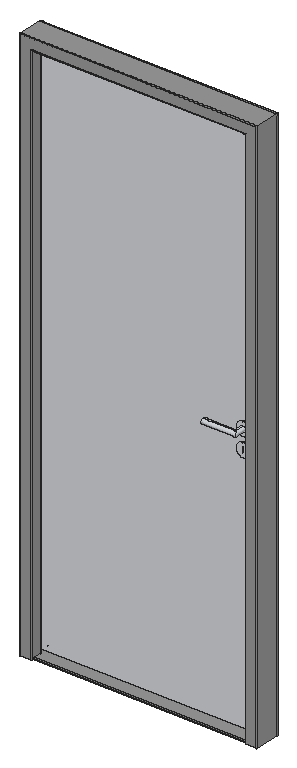
Revit family "Daloc T21 snabbsortiment", category Doors, host Wall, Revit 2017
Family settings
  Host = Wall
  OmniClass Number = 23.30.10.00
  OmniClass Title = Doors
  Always vertical = Yes
  Cut with Voids When Loaded = No
  Shared = No
  Room Calculation Point = No
Parameters (values of type "9x21")
  Vänsterhängd [instance] = no
  Visa kollisionskontroll [instance] = no
  Tröskeltyp V [instance] = no
  Tröskeltyp H [instance] = no
  Tröskeltyp G [instance] = no
  Tröskeltyp CH [instance] = no
  Tröskeltyp CG [instance] = no
  Tröskeltyp B [instance] = yes
  Släplist extrusion end [instance] = Dörrblad bredd + 33 mm  # 857 mm
  Släplist [instance] = or(Tröskeltyp CH, Tröskeltyp CG, Tröskeltyp B)  # yes
  Rough Width = Modulbredd * 100 mm  # 900 mm
  Monteringshål 99 till 130 [instance] = or(Dörrkarm 45x118, Dörrkarm 45x122, Dörrkarm 45x145)  # no
  Monteringshål 68 till 98 [instance] = or(Dörrkarm 45x68, Dörrkarm 45x92, Dörrkarm 45x98)  # yes
  Modulhöjd [instance] = 21  # constant formula
  Kulör dörrblad [instance] = none
  Kollisionskontroll vänster [instance] = and(Vänsterhängd, Visa kollisionskontroll)  # no
  Kollisionskontroll höger [instance] = and(Högerhängd, Visa kollisionskontroll)  # no
  Högerhängd [instance] = yes
  Function = Interior
  Frigång [instance] = Daloc kollisionskontroll
  Frame Projection Ext. = 25 mm
  Frame Projection Int. = 25 mm
  Frame Width = 75 mm
  Height = 2100 mm
  Wall Closure = By host
  Width = Modulbredd * 100 mm  # 900 mm
  Modulbredd = 9
  Extra monteringshål 92 till 98 [instance] = and(Extra monteringshål, or(Dörrkarm 45x92, Dörrkarm 45x98))  # no
  Extra monteringshål [instance] = no
  End extrusion kollisionsvolymer [instance] = Dörrblad ÖK + 15 mm  # 2060 mm
  Dörrstängare Vänster G [instance] = and(Vänsterhängd, Dörrstängare G sida)  # no
  Dörrstängare Vänster A [instance] = and(Vänsterhängd, Dörrstängare A sida)  # no
  Dörrstängare Höger G [instance] = and(Högerhängd, Dörrstängare G sida)  # no
  Dörrstängare Höger A [instance] = and(Högerhängd, Dörrstängare A sida)  # no
  Dörrstängare G sida [instance] = no
  Dörrstängare A sida [instance] = no
  Dörrkarm 45x98 [instance] = yes
  Dörrkarm 45x92 [instance] = no
  Dörrkarm 45x68 [instance] = no
  Dörrkarm 45x145 [instance] = no
  Dörrkarm 45x122 [instance] = no
  Dörrkarm 45x118 [instance] = no
  Dörrblad ÖK [instance] = Height - 55 mm  # 2045 mm
  Dörrblad tjocklek [instance] = 48 mm  # constant formula
  Dörrblad bredd [instance] = Width - 76 mm  # 824 mm
  Dörrblad UK [instance] = 15 mm
  Datablad [instance] = "http://www.dorrkatalogen.daloc.se/tradorrar/T21/"
Types (4, lengths in mm): name | Släplist extrusion end | Rough Width | Width | Modulbredd | Dörrblad bredd
  (no name) | 857 | 900 | 900 | 9 | 824
  8x21 | 757 | 800 | 800 | 8 | 724
  9x21 | 857 | 900 | 900 | 9 | 824
  10x21 | 957 | 1000 | 1000 | 10 | 924
Reference planes
  plane 1: y = 0
  plane 2 "Center (Left/Right)": x = 0
  plane 3 "Left": x = -450
  plane 4 "Right": x = 450
  plane 5: z = 2100
  plane 6 "Exterior": y = 75
  plane 7 "Interior": y = -75
  plane 8: x = 445
  plane 9: x = -445
  plane 10: z = 2093
  plane 11 "tröskel h": x = -430
  plane 12 "tröskel v": x = 430
Forms (mm)
  Sweep 1, solid, material "Daloc dörrkarm VIT S 0500-N", visible <- "Dörrkarm 45x145"
    path origin (0, 75, 0) x (1, 0, 0) y (0, 0, 1)
      loop
        line (445, 0) -> (445, 2093) -> (-445, 2093) -> (-445, 0)
    profile "Träkarm_Profil_45 : 45x145" origin (445, 75, 1046.5) x (-1, 0, 0) y (0, -1, 0)
      loop
        arc (27, 0) -> (29.121, 0.879) -> (30, 3) r 3
        line (30, 3) -> (30, 51)
        arc (30, 51) -> (30.293, 51.707) -> (31, 52) r 1
        line (31, 52) -> (42, 52)
        arc (42, 52) -> (44.121, 52.879) -> (45, 55) r 3
        line (45, 55) -> (45, 142)
        arc (45, 142) -> (44.121, 144.121) -> (42, 145) r 3
        line (42, 145) -> (3, 145)
        arc (3, 145) -> (0.879, 144.121) -> (0, 142) r 3
        line (0, 142) -> (0, 3)
        arc (0, 3) -> (0.879, 0.879) -> (3, 0) r 3
        line (3, 0) -> (27, 0)
  Sweep 2, solid, material "Daloc dörrkarm VIT S 0500-N", visible <- "Dörrkarm 45x122"
    path origin (0, 75, 0) x (1, 0, 0) y (0, 0, 1)
      loop
        line (445, 0) -> (445, 2093) -> (-445, 2093) -> (-445, 0)
    profile "Träkarm_Profil_45 : 45x122" origin (445, 75, 1046.5) x (-1, 0, 0) y (0, -1, 0)
      loop
        arc (27, 0) -> (29.121, 0.879) -> (30, 3) r 3
        line (30, 3) -> (30, 51)
        arc (30, 51) -> (30.293, 51.707) -> (31, 52) r 1
        line (31, 52) -> (42, 52)
        arc (42, 52) -> (44.121, 52.879) -> (45, 55) r 3
        line (45, 55) -> (45, 119)
        arc (45, 119) -> (44.121, 121.121) -> (42, 122) r 3
        line (42, 122) -> (3, 122)
        arc (3, 122) -> (0.879, 121.121) -> (0, 119) r 3
        line (0, 119) -> (0, 3)
        arc (0, 3) -> (0.879, 0.879) -> (3, 0) r 3
        line (3, 0) -> (27, 0)
  Sweep 3, solid, material "Daloc dörrkarm VIT S 0500-N", visible <- "Dörrkarm 45x118"
    path origin (0, 75, 0) x (1, 0, 0) y (0, 0, 1)
      loop
        line (445, 0) -> (445, 2093) -> (-445, 2093) -> (-445, 0)
    profile "Träkarm_Profil_45 : 45x118" origin (445, 75, 1046.5) x (-1, 0, 0) y (0, -1, 0)
      loop
        arc (27, 0) -> (29.121, 0.879) -> (30, 3) r 3
        line (30, 3) -> (30, 51)
        arc (30, 51) -> (30.293, 51.707) -> (31, 52) r 1
        line (31, 52) -> (42, 52)
        arc (42, 52) -> (44.121, 52.879) -> (45, 55) r 3
        line (45, 55) -> (45, 115)
        arc (45, 115) -> (44.121, 117.121) -> (42, 118) r 3
        line (42, 118) -> (3, 118)
        arc (3, 118) -> (0.879, 117.121) -> (0, 115) r 3
        line (0, 115) -> (0, 3)
        arc (0, 3) -> (0.879, 0.879) -> (3, 0) r 3
        line (3, 0) -> (27, 0)
  Sweep 4, solid, material "Daloc dörrkarm VIT S 0500-N", visible <- "Dörrkarm 45x98"
    path origin (0, 75, 0) x (1, 0, 0) y (0, 0, 1)
      loop
        line (445, 0) -> (445, 2093) -> (-445, 2093) -> (-445, 0)
    profile "Träkarm_Profil_45 : 45x98" origin (445, 75, 1046.5) x (-1, 0, 0) y (0, -1, 0)
      loop
        arc (27, 0) -> (29.121, 0.879) -> (30, 3) r 3
        line (30, 3) -> (30, 51)
        arc (30, 51) -> (30.293, 51.707) -> (31, 52) r 1
        line (31, 52) -> (42, 52)
        arc (42, 52) -> (44.121, 52.879) -> (45, 55) r 3
        line (45, 55) -> (45, 95)
        arc (45, 95) -> (44.121, 97.121) -> (42, 98) r 3
        line (42, 98) -> (3, 98)
        arc (3, 98) -> (0.879, 97.121) -> (0, 95) r 3
        line (0, 95) -> (0, 3)
        arc (0, 3) -> (0.879, 0.879) -> (3, 0) r 3
        line (3, 0) -> (27, 0)
  Sweep 5, solid, material "Daloc dörrkarm VIT S 0500-N", visible <- "Dörrkarm 45x92"
    path origin (0, 75, 0) x (1, 0, 0) y (0, 0, 1)
      loop
        line (445, 0) -> (445, 2093) -> (-445, 2093) -> (-445, 0)
    profile "Träkarm_Profil_45 : 45x92" origin (445, 75, 1046.5) x (-1, 0, 0) y (0, -1, 0)
      loop
        arc (27, 0) -> (29.121, 0.879) -> (30, 3) r 3
        line (30, 3) -> (30, 51)
        arc (30, 51) -> (30.293, 51.707) -> (31, 52) r 1
        line (31, 52) -> (42, 52)
        arc (42, 52) -> (44.121, 52.879) -> (45, 55) r 3
        line (45, 55) -> (45, 89)
        arc (45, 89) -> (44.121, 91.121) -> (42, 92) r 3
        line (42, 92) -> (3, 92)
        arc (3, 92) -> (0.879, 91.121) -> (0, 89) r 3
        line (0, 89) -> (0, 3)
        arc (0, 3) -> (0.879, 0.879) -> (3, 0) r 3
        line (3, 0) -> (27, 0)
  Sweep 6, solid, material "Daloc dörrkarm VIT S 0500-N", visible <- "Dörrkarm 45x68"
    path origin (0, 75, 0) x (1, 0, 0) y (0, 0, 1)
      loop
        line (445, 0) -> (445, 2093) -> (-445, 2093) -> (-445, 0)
    profile "Träkarm_Profil_45 : 45x68" origin (445, 75, 1046.5) x (-1, 0, 0) y (0, -1, 0)
      loop
        arc (27, 0) -> (29.121, 0.879) -> (30, 3) r 3
        line (30, 3) -> (30, 51)
        arc (30, 51) -> (30.293, 51.707) -> (31, 52) r 1
        line (31, 52) -> (42, 52)
        arc (42, 52) -> (44.121, 52.879) -> (45, 55) r 3
        line (45, 55) -> (45, 65)
        arc (45, 65) -> (44.121, 67.121) -> (42, 68) r 3
        line (42, 68) -> (3, 68)
        arc (3, 68) -> (0.879, 67.121) -> (0, 65) r 3
        line (0, 65) -> (0, 3)
        arc (0, 3) -> (0.879, 0.879) -> (3, 0) r 3
        line (3, 0) -> (27, 0)
  Extrusion 7, solid, material "Daloc tröskel EK", visible <- "Tröskeltyp H"
    sketch origin (0, 1371.396, -1281.888) x (0, 1, 0) y (0, 0, 1)
      loop
        arc (-1387.333, 1301.886) -> (-1386.455, 1304.007) -> (-1384.333, 1304.886) r 3.001
        line (-1384.333, 1304.886) -> (-1348.885, 1304.886)
        arc (-1348.885, 1304.886) -> (-1347.827, 1304.448) -> (-1347.388, 1303.39) r 1.496
        line (-1347.388, 1303.39) -> (-1347.388, 1291.888) -> (-1299.396, 1291.888)
        arc (-1299.396, 1291.888) -> (-1297.275, 1291.009) -> (-1296.396, 1288.888) r 3
        line (-1296.396, 1288.888) -> (-1296.396, 1281.888) -> (-1387.396, 1281.888) -> (-1387.396, 1301.888)
    from -430 to 430
  Extrusion 8, solid, material "Daloc tröskel EK", visible <- "Tröskeltyp B"
    sketch origin (0, 1891.855, -1544.4) x (0, 1, 0) y (0, 0, 1)
      loop
        arc (-1816.855, 1550.4) -> (-1817.441, 1551.814) -> (-1818.855, 1552.4) r 2
        line (-1818.855, 1552.4) -> (-1906.855, 1552.4)
        arc (-1906.855, 1552.4) -> (-1908.269, 1551.814) -> (-1908.855, 1550.4) r 2
        line (-1908.855, 1550.4) -> (-1908.855, 1544.4) -> (-1816.855, 1544.4) -> (-1816.855, 1550.4)
    from -430 to 430
  Extrusion 9, solid, material "ABS Plastic", visible <- "Tröskeltyp CH"
    sketch origin (0, 1957.784, -1780.388) x (0, 1, 0) y (0, 0, 1)
      loop
        arc (-1882.784, 1783.388) -> (-1917.784, 1790.388) -> (-1952.784, 1783.388) r 91
        line (-1952.784, 1783.388) -> (-1952.784, 1780.388) -> (-1882.784, 1780.388) -> (-1882.784, 1783.388)
    from -430 to 430
  Extrusion 10, solid, material "Daloc tröskel EK", visible <- "Tröskeltyp G"
    sketch origin (0, 1271.835, -1459.847) x (0, 1, 0) y (0, 0, 1)
      loop
        line (-1196.835, 1459.847) -> (-1196.835, 1466.847)
        arc (-1196.835, 1466.847) -> (-1197.713, 1468.968) -> (-1199.835, 1469.847) r 3
        line (-1199.835, 1469.847) -> (-1247.835, 1469.847) -> (-1247.835, 1481.347)
        arc (-1247.835, 1481.347) -> (-1248.274, 1482.408) -> (-1249.335, 1482.847) r 1.5
        line (-1249.335, 1482.847) -> (-1267.835, 1482.847)
        arc (-1267.835, 1482.847) -> (-1268.402, 1482.793) -> (-1268.949, 1482.632) r 3
        line (-1268.949, 1482.632) -> (-1285.949, 1477.632)
        arc (-1285.949, 1477.632) -> (-1287.319, 1476.529) -> (-1287.835, 1474.847) r 3
        line (-1287.835, 1474.847) -> (-1287.835, 1459.847) -> (-1196.835, 1459.847)
    from -430 to 430
  Extrusion 11, solid, material "Daloc tröskel EK", visible <- "Tröskeltyp V"
    sketch origin (0, 1480.056, -1792.621) x (0, 1, 0) y (0, 0, 1)
      loop
        arc (-1405.056, 1799.621) -> (-1405.934, 1801.742) -> (-1408.056, 1802.621) r 3
        line (-1408.056, 1802.621) -> (-1460.056, 1802.621)
        arc (-1460.056, 1802.621) -> (-1460.763, 1802.914) -> (-1461.056, 1803.621) r 1
        line (-1461.056, 1803.621) -> (-1461.056, 1812.621)
        arc (-1461.056, 1812.621) -> (-1461.934, 1814.742) -> (-1464.056, 1815.621) r 3
        line (-1464.056, 1815.621) -> (-1494.056, 1815.621)
        arc (-1494.056, 1815.621) -> (-1496.177, 1814.742) -> (-1497.056, 1812.621) r 3
        line (-1497.056, 1812.621) -> (-1497.056, 1807.621) -> (-1494.056, 1807.621) -> (-1494.056, 1792.621) -> (-1405.056, 1792.621) -> (-1405.056, 1799.621)
    from -430 to 430
  Extrusion 12, solid, material "ABS Plastic", visible <- "Tröskeltyp CG"
    sketch origin (0, 751.018, -810.252) x (0, 1, 0) y (0, 0, 1)
      loop
        line (-667.018, 811.099) -> (-677.327, 811.584) -> (-676.018, 815.599) -> (-685.018, 815.599)
        arc (-685.018, 815.599) -> (-715.018, 820.599) -> (-745.018, 815.599) r 92.5
        line (-745.018, 815.599) -> (-754.018, 815.599) -> (-752.708, 811.584) -> (-763.018, 811.099) -> (-763.018, 810.252) -> (-667.018, 810.252) -> (-667.018, 811.099)
    from -430 to 430
  Extrusion 13, solid, material "Stainless Steel", visible <- "Högerhängd"
    sketch origin (0, 0, 0) x (1, 0, 0) y (0, 1, 0)
      loop
        circle (-412, 83.5) r 8.5
    from 190 to 310
  Extrusion 14, solid, material "Stainless Steel", visible <- "Högerhängd"
    sketch origin (0, 0, 0) x (1, 0, 0) y (0, 1, 0)
      loop
        circle (-412, 83.5) r 8.5
    from 1730 to 1858
  Extrusion 15, solid, material "Stainless Steel", visible <- "Vänsterhängd"
    sketch origin (0, 0, 0) x (1, 0, 0) y (0, 1, 0)
      loop
        circle (412, 83.5) r 8.5
    from 190 to 310
  Extrusion 16, solid, material "Stainless Steel", visible <- "Vänsterhängd"
    sketch origin (0, 0, 0) x (1, 0, 0) y (0, 1, 0)
      loop
        circle (412, 83.5) r 8.5
    from 1730 to 1858
  Extrusion 17, solid, material "Daloc kollisionskontroll" <- "Frigång", visible <- "Kollisionskontroll höger"
    sketch origin (0, 0, 0) x (1, 0, 0) y (0, 1, 0)
      loop
        line (-412, 75) -> (412, 75)
        arc (412, 75) -> (-340.184, 895.864) -> (-1223.482, 218.086) r 824
        line (-1223.482, 218.086) -> (-412, 75)
    from 15 <- "Dörrblad UK" to 2060 <- "End extrusion kollisionsvolymer"
  Extrusion 18, solid, material "Daloc kollisionskontroll" <- "Frigång", visible <- "Kollisionskontroll vänster"
    sketch origin (0, 0, 0) x (1, 0, 0) y (0, 1, 0)
      loop
        line (412, 75) -> (1223.482, 218.086)
        arc (1223.482, 218.086) -> (340.184, 895.864) -> (-412, 75) r 824
        line (-412, 75) -> (412, 75)
    from 15 <- "Dörrblad UK" to 2060 <- "End extrusion kollisionsvolymer"
  Extrusion 19, solid, material "Hål", visible <- "Monteringshål 68 till 98"
    sketch origin (-445, 300, -532.866) x (0, 0, -1) y (0, 1, 0)
      loop
        circle (-729.866, -258) r 7
      loop
        circle (-1319.866, -258) r 7
      loop
        circle (-2006.866, -258) r 7
      loop
        circle (-2428.866, -258) r 7
    from 0 to 30.1
  Extrusion 20, solid, material "Hål", visible <- "Monteringshål 68 till 98"
    sketch origin (445, 300, 2968.966) x (0, 0, 1) y (0, 1, 0)
      loop
        circle (-2771.966, -258) r 7
      loop
        circle (-2181.966, -258) r 7
      loop
        circle (-1494.966, -258) r 7
      loop
        circle (-1072.966, -258) r 7
    from 0 to 30.1
  Extrusion 21, solid, material "Hål", visible <- "Extra monteringshål 92 till 98"
    sketch origin (445, 300, 2968.966) x (0, 0, 1) y (0, 1, 0)
      loop
        circle (-2771.966, -291) r 7
      loop
        circle (-2181.966, -291) r 7
      loop
        circle (-1494.966, -291) r 7
      loop
        circle (-1072.966, -291) r 7
    from 0 to 45.1
  Extrusion 22, solid, material "Hål", visible <- "Extra monteringshål 92 till 98"
    sketch origin (-445, 300, -532.866) x (0, 0, -1) y (0, 1, 0)
      loop
        circle (-729.866, -291) r 7
      loop
        circle (-1319.866, -291) r 7
      loop
        circle (-2006.866, -291) r 7
      loop
        circle (-2428.866, -291) r 7
    from 0 to 45.1
  Extrusion 23, solid, material "Hål", visible <- "Monteringshål 99 till 130"
    sketch origin (-445, 300, -532.866) x (0, 0, -1) y (0, 1, 0)
      loop
        circle (-2428.866, -291) r 7
      loop
        circle (-2006.866, -291) r 7
      loop
        circle (-1319.866, -291) r 7
      loop
        circle (-729.866, -291) r 7
    from 0 to 45.1
  Extrusion 24, solid, material "Hål", visible <- "Monteringshål 99 till 130"
    sketch origin (445, 300, 2968.966) x (0, 0, 1) y (0, 1, 0)
      loop
        circle (-1072.966, -291) r 7
      loop
        circle (-1494.966, -291) r 7
      loop
        circle (-2181.966, -291) r 7
      loop
        circle (-2771.966, -291) r 7
    from 0 to 45.1
  Extrusion 25, solid, material "Hål", visible <- "Dörrkarm 45x145"
    sketch origin (-445, 300, -532.866) x (0, 0, -1) y (0, 1, 0)
      loop
        circle (-729.866, -330) r 7
      loop
        circle (-1319.866, -330) r 7
      loop
        circle (-2006.866, -330) r 7
      loop
        circle (-2428.866, -330) r 7
    from 0 to 45.1
  Extrusion 26, solid, material "Hål", visible <- "Dörrkarm 45x145"
    sketch origin (445, 300, 2968.966) x (0, 0, 1) y (0, 1, 0)
      loop
        circle (-2771.966, -330) r 7
      loop
        circle (-2181.966, -330) r 7
      loop
        circle (-1494.966, -330) r 7
      loop
        circle (-1072.966, -330) r 7
    from 0 to 45.1
  Extrusion 27, solid, material "Rubber, Natural", visible <- "Släplist"
    sketch origin (-445, -1181.712, -1921.557) x (0, 0, -1) y (0, 1, 0)
      loop
        line (-1936.557, 1226.964) -> (-1933.555, 1226.964)
        arc (-1933.555, 1226.964) -> (-1931.269, 1231.819) -> (-1930.45, 1237.122) r 18.772
        arc (-1930.45, 1237.122) -> (-1931.543, 1232.868) -> (-1933.555, 1228.964) r 19.616
        line (-1933.555, 1228.964) -> (-1933.555, 1236.964)
        arc (-1933.555, 1236.964) -> (-1929.854, 1241.135) -> (-1928.451, 1246.531) r 11.932
        arc (-1928.451, 1246.531) -> (-1930.372, 1242.322) -> (-1933.555, 1238.964) r 14.051
        line (-1933.555, 1238.964) -> (-1936.557, 1238.964) -> (-1936.557, 1226.964)
    from 33 to 857 <- "Släplist extrusion end"
Lines and regions (mm)
  Opening 1
    outline origin (-3050, -75, 0) x (1, 0, 0) y (0, 0, 1)
      loop
        line (2600, 0) -> (3500, 0) -> (3500, 2100) -> (2600, 2100) -> (2600, 0)
  symbolic lines, style "Elevation Swing"
    curve 1: line (450, -75, 1050) -> (-450, -75, 2100)
    curve 2: line (450, -75, 1050) -> (-450, -75, 0)
  symbolic lines, visible <- "Högerhängd"
    curve 3: line (-412, 75, 0) -> (-1223.482, 218.086, 0)
    curve 4: arc (-1223.482, 218.086, 0) -> (-340.184, 895.864, 0) -> (412, 75, 0) r 824
  symbolic lines, visible <- "Vänsterhängd"
    curve 5: line (412, 75, 0) -> (1223.482, 218.086, 0)
    curve 6: arc (1223.482, 218.086, 0) -> (340.184, 895.864, 0) -> (-412, 75, 0) r 824
Text (mm)
  text "Exterior" at (-2295.016, 1099.543, 0), in view "Ref. Level"
  text "Exterior" at (0, 1615.38, 3698.081), in view "Left"
  text "Exterior" at (0, 1036.032, 3874.932), in view "Right"
Dimensions and locks
  equal spacing: plane 3 "Left", plane 2 "Center (Left/Right)", plane 4 "Right"
  "Width": plane 3 "Left" to plane 4 "Right"
  "Height": plane 5 to host wall
  equal spacing: host wall, curve 2, plane 5
  host wall to plane 5 = 2100 mm
  locked: plane 6 "Exterior" to host wall at 0
  locked: plane 7 "Interior" to host wall
  locked: plane 8 to plane 4 "Right" at 5
  locked: plane 3 "Left" to plane 9 at 5
  locked: plane 10 to plane 5 at 7
  locked: nested 3 to nested 1 at 55
  locked: nested 1 to nested 2 at 55
  locked: nested 4 to nested 1 at 55
  locked: nested 1 to nested 5 at 55
  locked: plane 6 "Exterior" to Extrusion 8 at 0
  locked: Extrusion 8 to level
  locked: Extrusion 9 to level
  locked: plane 6 "Exterior" to Extrusion 9 at 0
  locked: plane 6 "Exterior" to Extrusion 10 at 0
  locked: Extrusion 10 to level
  locked: plane 6 "Exterior" to Extrusion 11 at 0
  locked: Extrusion 11 to level
  locked: plane 6 "Exterior" to nested 6 at 0
  locked: plane 6 "Exterior" to nested 7 at 0
  locked: nested 1 to Extrusion 13 sketch curve at 8.5
  locked: nested 1 to Extrusion 13 sketch curve at 0
  locked: nested 1 to Extrusion 14 sketch curve at 8.5
  locked: nested 1 to Extrusion 14 sketch curve
  nested 1 to Extrusion 15 sketch curve = 8.5 mm
  Extrusion 15 sketch curve to nested 1 = 0 mm
  nested 1 to Extrusion 16 sketch curve = 8.5 mm
  Extrusion 16 sketch curve to nested 1 = 0 mm
  "Dörrblad bredd": curve 3 to curve 3
  locked: curve 3 to nested 1
  locked: nested 1 to curve 3
  "Dörrblad bredd": curve 5 to curve 5
  locked: nested 1 to curve 5 at 0  (x2)
  locked: plane 3 "Left" to plane 11 "tröskel h" at 20
  locked: plane 12 "tröskel v" to plane 4 "Right" at 20
  locked: Extrusion 19 sketch curve to level at 197
  locked: Extrusion 19 sketch curve to level at 787
  locked: Extrusion 19 sketch curve to level at 1474
  locked: Extrusion 19 sketch curve to level at 1896
  locked: plane 6 "Exterior" to Extrusion 19 sketch curve at 33  (x4)
  locked: Extrusion 21 sketch curve to level at 197
  locked: Extrusion 21 sketch curve to level at 787
  locked: Extrusion 21 sketch curve to level at 1474
  locked: Extrusion 21 sketch curve to level at 1896
  locked: Extrusion 21 sketch curve to plane 6 "Exterior" at 66  (x3)
  Extrusion 21 sketch curve to plane 6 "Exterior" = 66 mm
  locked: Extrusion 25 sketch curve to level at 197
  locked: Extrusion 25 sketch curve to level at 787
  locked: Extrusion 25 sketch curve to level at 1474
  locked: Extrusion 25 sketch curve to level at 1896
  locked: plane 6 "Exterior" to Extrusion 25 sketch curve at 105  (x4)
  locked: nested 1 to nested 6 at 67
  locked: nested 7 to nested 1 at 67
  locked: nested 1 to nested 8 at 67
  locked: nested 9 to nested 1 at 67
  locked: level to Extrusion 12 at 0
  locked: Extrusion 12 to plane 6 "Exterior" at 9
  locked: Extrusion 9 sketch curve to Extrusion 9 sketch curve at 3
  locked: nested 1 to Extrusion 27 at 0
  locked: Extrusion 27 to nested 1 at 18.252
  Extrusion 12 sketch curve to Extrusion 12 sketch curve = 5.348 mm
  locked: Extrusion 12 sketch curve to Extrusion 12 sketch curve at 4.223
  locked: Extrusion 12 sketch curve to Extrusion 12 sketch curve at 78
  locked: Extrusion 9 sketch curve to Extrusion 9 sketch curve at 70
  locked: Extrusion 12 sketch curve to Extrusion 12 sketch curve at 9
  Extrusion 11 sketch curve to Extrusion 11 sketch curve = 89 mm
  Extrusion 11 sketch curve to Extrusion 11 sketch curve = 56 mm
  Extrusion 7 sketch curve to Extrusion 7 sketch curve = 50.992 mm
  plane 6 "Exterior" to Extrusion 7 sketch curve = 91 mm
  Extrusion 8 sketch curve to Extrusion 8 sketch curve = 92 mm
  Extrusion 10 sketch curve to Extrusion 10 sketch curve = 51 mm
  Extrusion 10 sketch curve to Extrusion 10 sketch curve = 91 mm
  Extrusion 10 sketch curve to Extrusion 10 sketch curve = 18.5 mm
  Extrusion 10 sketch curve to Extrusion 10 sketch curve = 17.72 mm
  radius of Extrusion 9 sketch curve = 91 mm
  radius of Extrusion 12 sketch curve = 92.5 mm
  locked: nested 1 to curve 3 (angle 170.00°)
  locked: curve 5 to nested 1 (angle 170.00°)
  aligned and locked: plane 3 "Left" to Opening 1 sketch curve
  aligned and locked: plane 5 to Opening 1 sketch curve  (x2)
  aligned and locked: Opening 1 sketch curve to plane 4 "Right"
  aligned and locked: Opening 1 sketch curve to level
  aligned and locked: plane 5 to curve 1
  aligned and locked: plane 3 "Left" to curve 2
  aligned and locked: plane 1 to host wall
  aligned and locked: plane 3 "Left" to curve 1
  aligned and locked: plane 2 "Center (Left/Right)" to nested 1
  aligned and locked: plane 6 "Exterior" to nested 1
  aligned and locked: Sweep 1 sketch curve to plane 8
  aligned and locked: plane 10 to Sweep 1 sketch curve
  aligned and locked: Sweep 1 sketch curve to plane 9
  aligned and locked: Sweep 2 sketch curve to Sweep 1  (x3)
  aligned and locked: Sweep 3 sketch curve to Sweep 1  (x3)
  aligned and locked: Sweep 4 sketch curve to Sweep 1  (x3)
  aligned and locked: Sweep 5 sketch curve to Sweep 1  (x3)
  aligned and locked: Sweep 6 sketch curve to Sweep 1  (x3)
  aligned and locked: nested 3 to nested 1
  aligned and locked: nested 1 to nested 2
  aligned and locked: nested 4 to nested 1
  aligned and locked: nested 1 to nested 5
  aligned and locked: Extrusion 7 to plane 6 "Exterior"
  aligned and locked: nested 1 to plane 6 "Exterior"
  aligned and locked: Extrusion 17 sketch curve to curve 3
  aligned and locked: Extrusion 17 sketch curve to curve 4
  aligned and locked: Extrusion 17 sketch curve to nested 1
  aligned and locked: Extrusion 18 sketch curve to curve 5
  aligned and locked: Extrusion 18 sketch curve to curve 6
  aligned and locked: Extrusion 18 sketch curve to nested 1
  aligned and locked: Extrusion 9 to plane 11 "tröskel h"
  aligned and locked: Extrusion 10 to Extrusion 9  (x2)
  aligned and locked: Extrusion 11 to Extrusion 9
  aligned and locked: Extrusion 7 to Extrusion 9  (x2)
  aligned and locked: Extrusion 8 to Extrusion 7  (x2)
  aligned and locked: plane 12 "tröskel v" to Extrusion 9
  aligned and locked: Extrusion 11 to Extrusion 7
  aligned and locked: Extrusion 19 to plane 9
  aligned and locked: Extrusion 20 sketch curve to Extrusion 19  (x7)
  aligned and locked: Extrusion 22 sketch curve to Extrusion 21  (x8)
  aligned and locked: Extrusion 23 sketch curve to Extrusion 22  (x8)
  aligned and locked: Extrusion 24 sketch curve to Extrusion 21  (x8)
  aligned and locked: Extrusion 26 sketch curve to Extrusion 25  (x8)
  aligned and locked: nested 8 to nested 1
  aligned and locked: Extrusion 12 to Extrusion 7
  aligned and locked: Extrusion 7 to Extrusion 12
  aligned and locked: nested 1 to Extrusion 27
Automatic sketch dimensions
  curve 2 to level = 0 mm
  plane 4 "Right" to curve 2 = 0 mm
  Sweep 1 sketch curve to level = 0 mm  (x2)
  Sweep 2 sketch curve to level = 0 mm  (x2)
  Sweep 3 sketch curve to level = 0 mm  (x2)
  Sweep 4 sketch curve to level = 0 mm  (x2)
  Sweep 5 sketch curve to level = 0 mm  (x2)
  Sweep 6 sketch curve to level = 0 mm  (x2)
  Extrusion 7 sketch curve to level = 0 mm
  Extrusion 7 sketch curve to host wall = 0 mm
  Extrusion 7 sketch curve to host wall = 3 mm
  Extrusion 7 sketch curve to Extrusion 7 sketch curve = 1.496 mm
  level to Extrusion 7 sketch curve = 7 mm
  level to Extrusion 7 sketch curve = 19.998 mm
  Extrusion 7 sketch curve to Extrusion 7 sketch curve = 11.502 mm
  Extrusion 7 sketch curve to Extrusion 7 sketch curve = 0.002 mm
  Extrusion 8 sketch curve to level = 0 mm
  Extrusion 8 sketch curve to host wall = 0 mm
  Extrusion 8 sketch curve to host wall = 2 mm
  level to Extrusion 8 sketch curve = 8 mm
  Extrusion 8 sketch curve to Extrusion 8 sketch curve = 2 mm
  Extrusion 9 sketch curve to level = 0 mm
  Extrusion 9 sketch curve to host wall = 0 mm
  level to Extrusion 9 sketch curve = 3 mm
  Extrusion 10 sketch curve to level = 0 mm
  Extrusion 10 sketch curve to host wall = 0 mm
  Extrusion 10 sketch curve to host wall = 3 mm
  Extrusion 10 sketch curve to Extrusion 10 sketch curve = 1.5 mm
  Extrusion 10 sketch curve to Extrusion 10 sketch curve = 1.114 mm  (x2)
  Extrusion 10 sketch curve to Extrusion 10 sketch curve = 3 mm
  level to Extrusion 10 sketch curve = 7 mm
  Extrusion 10 sketch curve to Extrusion 10 sketch curve = 5 mm
  Extrusion 10 sketch curve to Extrusion 10 sketch curve = 11.5 mm
  Extrusion 11 sketch curve to level = 0 mm
  Extrusion 11 sketch curve to host wall = 0 mm
  Extrusion 11 sketch curve to host wall = 3 mm
  Extrusion 11 sketch curve to Extrusion 11 sketch curve = 1 mm
  Extrusion 11 sketch curve to Extrusion 11 sketch curve = 3 mm  (x2)
  level to Extrusion 11 sketch curve = 7 mm
  level to Extrusion 11 sketch curve = 15 mm
  Extrusion 11 sketch curve to Extrusion 11 sketch curve = 9 mm
  level to Extrusion 12 sketch curve = 5.348 mm
  host wall to Extrusion 12 sketch curve = 0 mm
  Extrusion 12 sketch curve to host wall = 1.309 mm
  Extrusion 12 sketch curve to Extrusion 12 sketch curve = 7.691 mm
  Extrusion 12 sketch curve to Extrusion 12 sketch curve = 10.309 mm
  host wall to Extrusion 12 sketch curve = 9 mm
  level to Extrusion 12 sketch curve = 1.333 mm  (x2)
  level to Extrusion 12 sketch curve = 0.848 mm  (x2)
  Extrusion 12 sketch curve to Extrusion 12 sketch curve = 0.848 mm
  Extrusion 20 sketch curve to Extrusion 20 sketch curve = 0 mm  (x8)
  Extrusion 22 sketch curve to Extrusion 22 sketch curve = 0 mm  (x8)
  Extrusion 23 sketch curve to Extrusion 23 sketch curve = 0 mm  (x8)
  Extrusion 24 sketch curve to Extrusion 24 sketch curve = 0 mm  (x8)
  Extrusion 26 sketch curve to Extrusion 26 sketch curve = 0 mm  (x8)
  Extrusion 27 sketch curve to Extrusion 27 sketch curve = 0.655 mm
  Extrusion 27 sketch curve to Extrusion 27 sketch curve = 7.855 mm
  Extrusion 27 sketch curve to Extrusion 27 sketch curve = 1.639 mm
  level to Extrusion 27 sketch curve = 15 mm
  Extrusion 27 sketch curve to Extrusion 27 sketch curve = 3.002 mm
  Extrusion 27 sketch curve to Extrusion 27 sketch curve = 0 mm  (x2)
  Extrusion 27 sketch curve to host wall = 29.748 mm
  Extrusion 27 sketch curve to Extrusion 27 sketch curve = 2 mm  (x2)
  Extrusion 27 sketch curve to Extrusion 27 sketch curve = 10.343 mm
  Extrusion 27 sketch curve to Extrusion 27 sketch curve = 10 mm
  Extrusion 27 sketch curve to Extrusion 27 sketch curve = 2.54 mm
  Extrusion 27 sketch curve to Extrusion 27 sketch curve = 7.787 mm
  Extrusion 27 sketch curve to Extrusion 27 sketch curve = 3.428 mm
  level to Extrusion 27 sketch curve = 6.894 mm
  Extrusion 11 sketch curve to Extrusion 11 sketch curve = 0 mm
  Extrusion 7 sketch curve to Extrusion 7 sketch curve = 3.063 mm
  radius of Extrusion 13 sketch curve = 8.5 mm
  radius of Extrusion 14 sketch curve = 8.5 mm
  radius of Extrusion 15 sketch curve = 8.5 mm
  radius of Extrusion 16 sketch curve = 8.5 mm
  radius of Extrusion 19 sketch curve = 7 mm  (x4)
  radius of Extrusion 21 sketch curve = 7 mm  (x4)
  radius of Extrusion 25 sketch curve = 7 mm  (x4)
Nested families
  nested 1: "Dörrblad_T25" at (0, 27, 15), Kulör dörrblad <- "Kulör dörrblad", Dörrblad bredd <- "Dörrblad bredd", Dörrblad tjocklek <- "Dörrblad tjocklek", Dörrblad ÖK <- "Dörrblad ÖK", built-in parameter 1001364 <- "Dörrblad UK", type "Dörrblad_T25"
    with Kulör dörrblad none, Dörrblad ÖK 2045 mm, Dörrblad tjocklek 48 mm, Dörrblad bredd 824 mm
  nested 2: "Handtag_J" at (-357, 75, 1024) x (-1, 0, 0) z (0, 1, 0), visible <- "Vänsterhängd", type "Handtag_J"
    with Handtag Ytterdörr none
  nested 3: "Handtag_J" at (357, 27, 1024) x (1, 0, 0) z (0, -1, 0), visible <- "Högerhängd", type "Handtag_J"
    with Handtag Ytterdörr none
  nested 4: "Handtag_J" at (357, 75, 1024) x (1, 0, 0) z (0, 1, 0), visible <- "Högerhängd", type "Handtag_J"
    with Handtag Ytterdörr none
  nested 5: "Handtag_J" at (-357, 27, 1024) x (-1, 0, 0) z (0, -1, 0), visible <- "Vänsterhängd", type "Handtag_J"
    with Handtag Ytterdörr none
  nested 6: "Dörrstängare" at (-100, 121, 1977) x (-1, 0, 0) z (0, 0, 1), visible <- "Dörrstängare Höger G", type "Dörrstängare"
  nested 7: "Dörrstängare" at (345, 121, 1977) x (-1, 0, 0) z (0, 0, 1), visible <- "Dörrstängare Vänster G", type "Dörrstängare"
  nested 8: "Dörrstängare" at (-345, -19, 1968), visible <- "Dörrstängare Höger A", type "Dörrstängare"
  nested 9: "Dörrstängare" at (100, -19, 1968), visible <- "Dörrstängare Vänster A", type "Dörrstängare"
Definition of nested family "Dörrblad_T25"
  Parameters (values of type "Dörrblad_T25")
    Kulör dörrblad [instance] = none
    Dörrblad ÖK [instance] = 2000 mm
    Dörrblad tjocklek [instance] = 47.861 mm
    Dörrblad bredd [instance] = 1300 mm
  Reference planes
    plane 1 "Center (Front/Back)": y = 0
    plane 2: z = 0
    plane 3 "Center (Left/Right)": x = 0
  Forms (mm)
    Extrusion 1, solid, material <- "Kulör dörrblad"
      sketch origin (0, 0, 0) x (1, 0, 0) y (0, 1, 0)
        loop
          line (-650, 0) -> (650, 0) -> (650, 47.861) -> (-650, 47.861) -> (-650, 0)
      from 0 to 2000 <- "Dörrblad ÖK"
  Lines and regions (mm)
    symbolic lines
      curve 1: line (-650, 47.861, 0) -> (650, 47.861, 0)
      curve 2: line (-650, 0, 0) -> (-650, 47.861, 0)
      curve 3: line (650, 0, 0) -> (-650, 0, 0)
      curve 4: line (650, 47.861, 0) -> (650, 0, 0)
  Dimensions and locks
    "Dörrblad tjocklek": curve 3 to curve 1
    "Dörrblad bredd": curve 2 to curve 4
    equal spacing: curve 2, plane 3 "Center (Left/Right)", curve 4, locked at 650 each
    aligned and locked: level to plane 2
    aligned and locked: curve 3 to plane 1 "Center (Front/Back)"
    aligned and locked: Extrusion 1 sketch curve to curve 2
    aligned and locked: Extrusion 1 sketch curve to curve 1
    aligned and locked: Extrusion 1 sketch curve to curve 4
    aligned and locked: Extrusion 1 sketch curve to curve 3
Definition of nested family "Handtag_J"
  Parameters (values of type "Handtag_J")
    Handtag Ytterdörr [instance] = none
    Default Elevation = 1219.2 mm
  Reference planes
    plane 1 "Center (Front/Back)": y = 0
    plane 2: z = 0
    plane 3 "Center (Left/Right)": x = 0
  Forms (mm)
    Extrusion 1, solid
      sketch origin (0, 0, 0) x (1, 0, 0) y (0, 1, 0)
        loop
          line (-1219.2, 1219.2) -> (-1219.2, -1219.2) -> (1219.2, -1219.2) -> (1219.2, 1219.2) -> (-1219.2, 1219.2)
      from 0 to -304.8
    Extrusion 2, solid, material <- "Handtag Ytterdörr"
      sketch origin (0, 35.531, 0) x (-1, 0, 0) y (0, -1, 0)
        loop
          circle (0, 107.075) r 25
        loop
          line (-1.871, 118.619) -> (-1.871, 95.531) -> (1.871, 95.531) -> (1.871, 118.619) -> (-1.871, 118.619)
      from 0 to 5
    Extrusion 3, solid, material <- "Handtag Ytterdörr"
      sketch origin (0, 110, 0) x (-1, 0, 0) y (0, -1, 0)
        loop
          circle (0, 110) r 25
      from 0 to 5
    Sweep 4, solid, material <- "Handtag Ytterdörr"
      path origin (0, 0, 0) x (-1, 0, 0) y (0, 0, -1)
        loop
          line (0, -5) -> (0, -40) -> (120, -40)
      profile origin (0, 0, 22.5) x (-1, 0, 0) y (0, -1, 0)
        loop
          spline (0, 8) -> (-3.106, 7.727) -> (-6, 6.928) -> (-8.485, 5.657) -> (-10.392, 4) -> (-11.591, 2.071) -> (-12, 0) -> (-11.591, -2.071) -> (-10.392, -4) -> (-8.485, -5.657) -> (-6, -6.928) -> (-3.106, -7.727) -> (0, -8)
          spline (0, -8) -> (3.106, -7.727) -> (6, -6.928) -> (8.485, -5.657) -> (10.392, -4) -> (11.591, -2.071) -> (12, 0) -> (11.591, 2.071) -> (10.392, 4) -> (8.485, 5.657) -> (6, 6.928) -> (3.106, 7.727) -> (0, 8)
  Dimensions and locks
    Extrusion 2 sketch curve to Extrusion 2 sketch curve = 3.742 mm
    equal spacing: Extrusion 2 sketch curve, Extrusion 2 sketch curve, Extrusion 2 sketch curve
    aligned and locked: plane 2 to Extrusion 1
    aligned and locked: level to Extrusion 1
Definition of nested family "Dörrstängare"
  Reference planes
    plane 1 "Center (Front/Back)": y = 0
    plane 2: z = 0
    plane 3 "Center (Left/Right)": x = 0
  Forms (mm)
    Extrusion 1, solid
      sketch origin (0, -14, 0) x (1, 0, 0) y (0, 1, 0)
        loop
          line (0, 14) -> (245, 14) -> (245, 60) -> (0, 60) -> (0, 14)
      from 0 to 60
    Extrusion 2, solid
      sketch origin (0, 0, 0) x (1, 0, 0) y (0, 1, 0)
        loop
          circle (158, 23) r 11
      from 60 to 76
    Extrusion 3, solid
      sketch origin (0, 0, 0) x (1, 0, 0) y (0, 1, 0)
        loop
          arc (147, -266) -> (150.222, -273.778) -> (158, -277) r 11
          arc (158, -277) -> (165.778, -273.778) -> (169, -266) r 11
          line (169, -266) -> (169, 23)
          arc (169, 23) -> (158, 34) -> (147, 23) r 11
          line (147, 23) -> (147, -266)
      from 76 to 81
  Lines and regions (mm)
    symbolic lines
      curve 1: circle (158, 23, 0) r 11 normal (0, 0, 1)
      curve 2: line (147, 23, 0) -> (169, 23, 0)
      curve 3: arc (158, -277, 0) -> (150.222, -273.778, 0) -> (147, -266, 0) r 11
      curve 4: arc (158, -277, 0) -> (165.778, -273.778, 0) -> (169, -266, 0) r 11
      curve 5: line (169, -266, 0) -> (169, 23, 0)
      curve 6: line (147, -266, 0) -> (147, 23, 0)
  Dimensions and locks
    Extrusion 1 sketch curve to Extrusion 1 sketch curve = 46 mm
    Extrusion 1 sketch curve to Extrusion 1 sketch curve = 245 mm
    locked: Extrusion 1 to Extrusion 1 at 46
    locked: Extrusion 1 to Extrusion 1 at 245
    locked: curve 1 to Extrusion 1 at 87
    locked: Extrusion 1 to curve 1 at 23
    locked: Extrusion 1 to curve 2 at 23
    locked: curve 3 to curve 2 at 300
    diameter of curve 1 = 22 mm
    aligned and locked: level to plane 2
    aligned and locked: plane 1 "Center (Front/Back)" to Extrusion 1
    aligned and locked: Extrusion 2 sketch curve to curve 1
    aligned and locked: Extrusion 3 sketch curve to curve 6
  Automatic sketch dimensions
    Extrusion 1 sketch curve to plane 3 "Center (Left/Right)" = 0 mm
    plane 1 "Center (Front/Back)" to Extrusion 1 sketch curve = 0 mm
    curve 3 to curve 4 = 0 mm  (x2)
    plane 3 "Center (Left/Right)" to curve 3 = 158 mm
    curve 3 to curve 5 = 11 mm
    plane 1 "Center (Front/Back)" to Extrusion 3 sketch curve = 266 mm
    Extrusion 3 sketch curve to plane 1 "Center (Front/Back)" = 23 mm
    Extrusion 3 sketch curve to Extrusion 3 sketch curve = 11 mm
    Extrusion 3 sketch curve to Extrusion 3 sketch curve = 0 mm  (x2)
